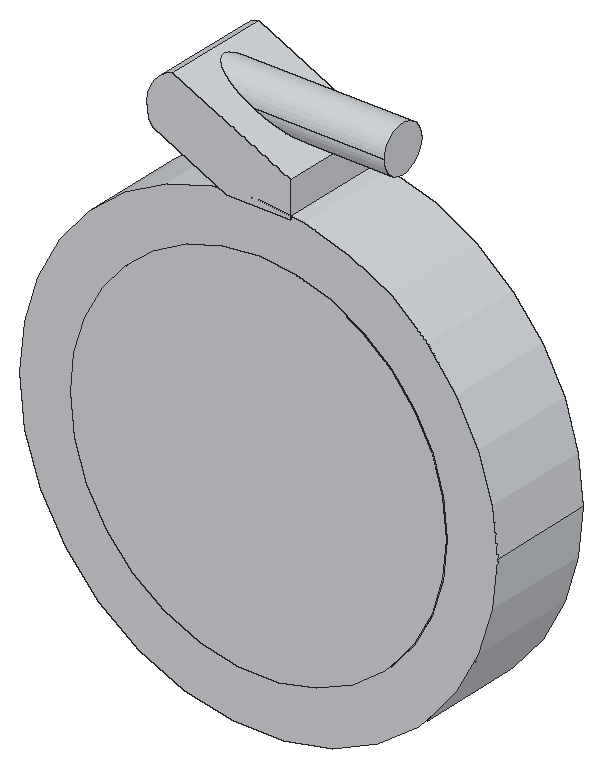
Revit family
Parameters
  URL = "www.siouxchief.com"
  Model = "521-723B"
  Manufacturer = "Sioux Chief Manufacturing"
  Keynote = "DWV Bracket"
  Description = "2\" Bracket"
Reference planes (in)
  plane 1 "Center (Front/Back)": y = 0
  plane 2: z = 0
  plane 3 "Center (Left/Right)": x = 0
Forms (in)
  Extrusion 1, solid
    sketch origin (0, -0.09375, -3.85184) x (0, 0, 1) y (-1, 0, 0)
      loop
        circle (3.85184, 0) r 1.27
    from -0.375 to 0.192
  Extrusion 2, solid
    sketch origin (0, 0.28125, 0) x (0, 0, 1) y (-1, 0, 0)
      loop
        circle (0, 0) r 1
    from 0 to 0.567
  Extrusion 3, solid
    sketch origin (0.17049, -0.75, -0.34375) x (0, 0, 1) y (-1, 0, 0)
      loop
        line (1.575, 0) -> (1.76708, 0) -> (2.05829, 0.62451)
        arc (2.05829, 0.62451) -> (1.9351, 0.75189) -> (1.7587, 0.73493) r 0.20414
        line (1.7587, 0.73493) -> (1.575, 0.34099) -> (1.575, 0)
    from -1.03125 to -0.46425
  Extrusion 4, solid
    sketch origin (-0.46094, 0, -0.30469) x (0, 1, 0) y (0, 0, 1)
      loop
        circle (0, 1.87955) r 0.12234
    from 0 to 1
Dimensions and locks (in)
  aligned and locked: plane 2 to level
  aligned and locked: Extrusion 1 to Extrusion 2  (x2)
  aligned and locked: Extrusion 1 to Extrusion 3  (x2)
Connectors (in)
  piping at (0, 0.28125, 0)
    settings: on Extrusion 1, index 1, connector radius 1", flow factor 0, pipe flow 0 GPM, pressure drop 0.00 psi, fitting loss kfactor 0, connector angle 0.00°, fixture units 0, flow configuration 0, flow direction 0, fitting loss method 0, system type 22, connector reference index -1, connector utility 0, adjustable connector no, is connector primary yes, fitting loss table "", connector description ""
  piping at (0, -0.28575, 0)
    settings: on Extrusion 1, index 2, connector radius 1", flow factor 0, pipe flow 0 GPM, pressure drop 0.00 psi, fitting loss kfactor 0, connector angle 0.00°, fixture units 0, flow configuration 0, flow direction 0, fitting loss method 0, system type 22, connector reference index -1, connector utility 0, adjustable connector no, is connector primary no, fitting loss table "", connector description ""
